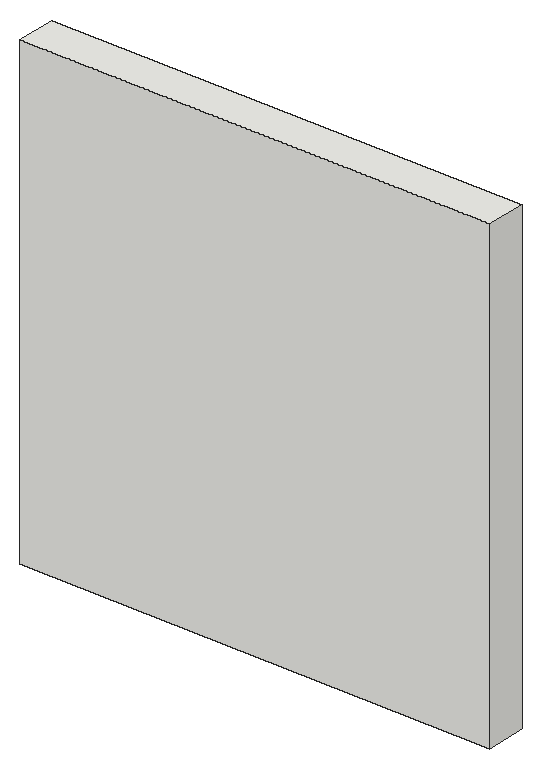
Revit family
Parameters (values of type "DistributionBoard")
  Height = 600 mm
  Mounting Height = 1200 mm
  Width = 600 mm
  Depth = 100 mm
Reference planes
  plane 1: y = -100
  plane 2 "Center": x = 30
  plane 3: z = 1800
  plane 4: z = 1200
  plane 5: x = -570
  plane 6: z = 1540
  plane 7: x = -510
  plane 8: x = -270
  plane 9: x = -318.335
  plane 10: x = -18.335
  plane 11: y = 25
  plane 12 "Wall Face": y = -25
Forms (mm)
  Extrusion 1, solid
    sketch origin (-4634.607, -25, 0) x (-1, 0, 0) y (0, 0, 1)
      loop
        line (-4664.607, 1200) -> (-4064.607, 1200) -> (-4064.607, 1800) -> (-4664.607, 1800) -> (-4664.607, 1200)
    from 0 to 50
  Extrusion 2, solid, detail levels medium+fine
    sketch origin (-4634.607, 25, 19.236) x (-1, 0, 0) y (0, 0, 1)
      loop
        line (-4124.607, 1460.764) -> (-4084.451, 1460.764) -> (-4084.451, 1520.764) -> (-4124.607, 1520.764) -> (-4124.607, 1460.764)
    from 0 to 5
Text (mm)
  text "Front" at (-1161.312, 414.863, 0), in view "Ref. Level"
  text "Front" at (0, 583.098, 2510.999), in view "Left"
  text "Placement side" at (0, 729.307, 3142.909), in view "Right"
Dimensions and locks
  "Height": plane 4 to plane 3
  "Width": plane 2 "Center" to plane 5
  "Mounting Height": host wall to plane 4
  plane 5 to plane 7 = 60 mm
  plane 6 to plane 3 = 260 mm
  equal spacing: plane 5, plane 8, plane 2 "Center"
  plane 5 to plane 2 "Center" = 600 mm
  plane 12 "Wall Face" to host wall = 0 mm
  locked: plane 12 "Wall Face" to plane 11 at 50
  aligned and locked: plane 1 to host wall
  aligned and locked: plane 2 "Center" to Extrusion 1 sketch curve  (x2)
  aligned and locked: plane 4 to Extrusion 1 sketch curve
  aligned and locked: Extrusion 1 sketch curve to plane 5
  aligned and locked: Extrusion 2 to plane 6
  aligned and locked: plane 11 to nested 1
  aligned and locked: nested 1 to plane 8
Automatic sketch dimensions
  Extrusion 1 sketch curve to plane 3 = 0 mm
  Extrusion 2 sketch curve to plane 7 = 0 mm
  plane 5 to Extrusion 2 sketch curve = 19.843 mm
  Extrusion 2 sketch curve to Extrusion 2 sketch curve = 60 mm
  Extrusion 2 sketch curve to plane 4 = 280 mm
Nested families
  nested 1: "NZ_DistributionBdSymbol" at (-270, 25, 0), type "NZ_DistributionBdSymbol"
Definition of nested family "NZ_DistributionBdSymbol"
  Parameters
    Panel Type = "DIST'BD"
  Reference planes
    plane 1: y = 0
    plane 2: x = 0
  Lines and regions (mm)
    Filled region 1, type "Black"
      outline origin (2.5, 1.982, 0) x (1, 0, 0) y (0, 1, 0)
        loop
          line (0, 0) -> (5, 0) -> (5, 1.982) -> (0, 1.982) -> (0, 0)
    Filled region 2, type "Black"
      outline origin (-3.463, 0, 0) x (1, 0, 0) y (0, 1, 0)
        loop
          line (0.963, 0) -> (5.963, 0) -> (5.963, 1.982) -> (0.963, 1.982) -> (0.963, 0)
    Masking region 1
      outline origin (-3.463, 1.982, 0) x (1, 0, 0) y (0, 1, 0)
        loop
          line (0.963, 0) -> (5.926, 0) -> (5.926, 1.982) -> (0.963, 1.982) -> (0.963, 0)
    Masking region 2
      outline origin (2.5, 0, 0) x (1, 0, 0) y (0, 1, 0)
        loop
          line (0, 0) -> (5, 0) -> (5, 1.982) -> (0, 1.982) -> (0, 0)
    Masking region 3
      outline origin (-8.426, 0, 0) x (1, 0, 0) y (0, 1, 0)
        loop
          line (0.963, 0) -> (5.963, 0) -> (5.963, 1.982) -> (0.963, 1.982) -> (0.963, 0)
    Filled region 3, type "Black"
      outline origin (-8.426, 1.982, 0) x (1, 0, 0) y (0, 1, 0)
        loop
          line (0.963, 0) -> (5.926, 0) -> (5.926, 1.982) -> (0.963, 1.982) -> (0.963, 0)
  Text (mm)
    label "Panel Type" at (-0.073, 6.91, 0), shows "Panel Type"
